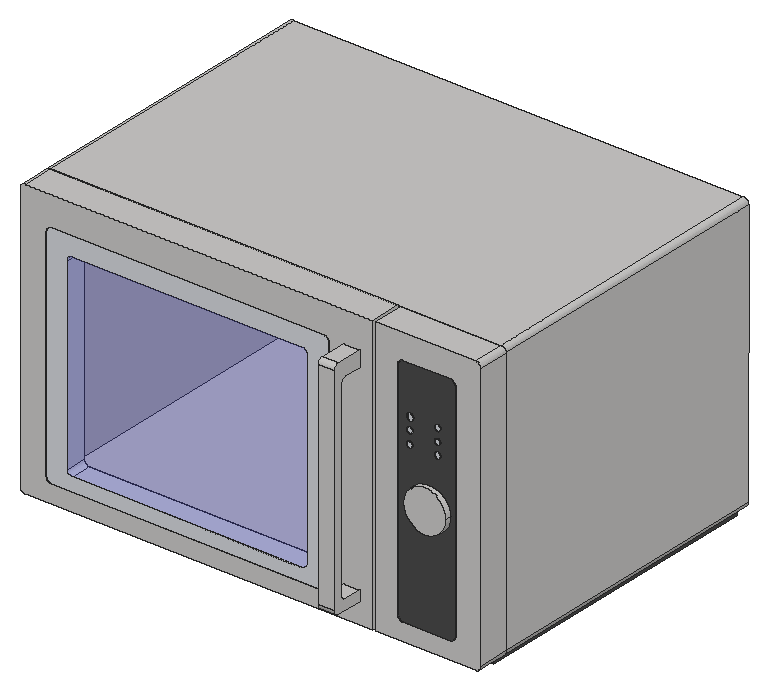
Revit family
Parameters (values of type "RCS10DS")
  Weight in Pounds = 41
  Watts = 1550 W
  Watermarked By = "http://revitwatermark.com"
  Volts = 120 V
  URL Manufacturer = ""
  URL Cutsheet = ""
  URL = "www.acpsolutions.com"
  Status [instance] = ""
  Specification by User [instance] = ""
  Specification by Manufacturer = ""
  Serial Number [instance] = ""
  Seismic Rating [instance] = ""
  SMACNA No [instance] = ""
  Revision Code [instance] = ""
  Phase = 1
  Omniclass Number and Title = ""
  Number of Poles [instance] = 1
  NAFEM Spec ID Number = ""
  Model = "RCS10DS"
  Min Ckt Ampacity = 0 A
  Max Overcurrent Protection = 0 A
  Masterspec = ""
  Manufacturer = "Amana"
  Item Number [instance] = "-"
  Installed By [instance] = ""
  HP = ""
  Furnished By [instance] = ""
  Foodservice Equipment Identifier [instance] = yes
  FL Amps = 13 A
  Electrical Remarks [instance] = ""
  Electric Connection Type [instance] = ""
  Elec Conn RI Height [instance] = 0' - 0"
  Elec Conn Connection Height = 1' - 1 1/4"
  Description = "MIcrowave Oven"
  Cycle = 60 Hz
  Conn Plug = "NEMA 5-15"
  Conn Conduit = yes
  CSI MasterFormat = "11 44 16"
  Assembly Code = "E1090320"
  Apparent Power = if(Phase = 3, Volts * FL Amps * 1.73, Volts * FL Amps)  # 1560 VA
Values of the unnamed type that differ from the named types
  Watermarked By = ""
Reference planes (in)
  plane 1 "BACK": y = -1.75
  plane 2: z = 0
  plane 3 "LEFT": x = 0
  plane 4 "RIGHT": x = 22
  plane 5 "FRONT": y = -19.25
  plane 6 "TOP": z = 13.75
  plane 7: z = 0.5
  plane 8: x = 0.5
  plane 9: x = 19.5
  plane 10: z = 13.25
  plane 11: x = 18.75
  plane 12 "Handle": y = -20.75
  plane 13: y = -3.25
  plane 14: x = 15.25
  plane 15: x = 11
  plane 16: z = 9.92969
  plane 17: z = 7.78125
  plane 18 "Front of Box": y = -17.75
  plane 19: z = 15.75
  plane 20: y = -35.97266
Forms (in)
  Extrusion 1, solid, material "QF_Finishes_Stainless Steel"
    sketch origin (0, -19.25, 0) x (1, 0, 0) y (0, 0, 1)
      loop
        arc (0.25, 13.75) -> (0.07322, 13.67678) -> (0, 13.5) r 0.25
        line (0, 13.5) -> (0, 0.75)
        arc (0, 0.75) -> (0.07322, 0.57322) -> (0.25, 0.5) r 0.25
        line (0.25, 0.5) -> (16.85114, 0.5) -> (16.85114, 13.75) -> (0.25, 13.75)
      loop
        line (1.24006, 12.05684) -> (1.24006, 1.62113)
        arc (1.24006, 1.62113) -> (1.31328, 1.44435) -> (1.49006, 1.37113) r 0.25
        line (1.49006, 1.37113) -> (14.5, 1.37113)
        arc (14.5, 1.37113) -> (14.67678, 1.44435) -> (14.75, 1.62113) r 0.25
        line (14.75, 1.62113) -> (14.75, 12.05684)
        arc (14.75, 12.05684) -> (14.67678, 12.23362) -> (14.5, 12.30684) r 0.25
        line (14.5, 12.30684) -> (1.49006, 12.30684)
        arc (1.49006, 12.30684) -> (1.31328, 12.23362) -> (1.24006, 12.05684) r 0.25
      loop
        arc (13.24719, 11.19922) -> (13.17396, 11.376) -> (12.99719, 11.44922) r 0.25
        line (12.99719, 11.44922) -> (2.49719, 11.44922)
        arc (2.49719, 11.44922) -> (2.32041, 11.376) -> (2.24719, 11.19922) r 0.25
        line (2.24719, 11.19922) -> (2.24719, 2.25)
        arc (2.24719, 2.25) -> (2.32041, 2.07322) -> (2.49719, 2) r 0.25
        line (2.49719, 2) -> (12.99719, 2)
        arc (12.99719, 2) -> (13.17396, 2.07322) -> (13.24719, 2.25) r 0.25
        line (13.24719, 2.25) -> (13.24719, 11.19922)
    from 0 to -1.5
  Extrusion 2, solid, material "QF_Finishes_Stainless Steel"
    sketch origin (0, -19.25, 0) x (1, 0, 0) y (0, 0, 1)
      loop
        arc (0.25, 13.75) -> (0.07322, 13.67678) -> (0, 13.5) r 0.25
        line (0, 13.5) -> (0, 0.75)
        arc (0, 0.75) -> (0.07322, 0.57322) -> (0.25, 0.5) r 0.25
        line (0.25, 0.5) -> (21.74723, 0.5)
        arc (21.74723, 0.5) -> (21.92401, 0.57322) -> (21.99723, 0.75) r 0.25
        line (21.99723, 0.75) -> (21.99723, 13.5)
        arc (21.99723, 13.5) -> (21.92401, 13.67678) -> (21.74723, 13.75) r 0.25
        line (21.74723, 13.75) -> (0.25, 13.75)
    from -1.5 to -16
  Extrusion 3, solid, material "QF_Finishes_Stainless Steel"
    sketch origin (0, -19.25, 0) x (1, 0, 0) y (0, 0, 1)
      loop
        line (21.75891, 13.75) -> (17, 13.75) -> (17, 0.5) -> (21.75891, 0.5)
        arc (21.75891, 0.5) -> (21.93568, 0.57322) -> (22.00891, 0.75) r 0.25
        line (22.00891, 0.75) -> (22.00891, 13.5)
        arc (22.00891, 13.5) -> (21.93568, 13.67678) -> (21.75891, 13.75) r 0.25
      loop
        line (20.55577, 12.51528) -> (18.3008, 12.51528)
        arc (18.3008, 12.51528) -> (18.12402, 12.44206) -> (18.0508, 12.26528) r 0.25
        line (18.0508, 12.26528) -> (18.0508, 1.62113)
        arc (18.0508, 1.62113) -> (18.12402, 1.44435) -> (18.3008, 1.37113) r 0.25
        line (18.3008, 1.37113) -> (20.55577, 1.37113)
        arc (20.55577, 1.37113) -> (20.73254, 1.44435) -> (20.80577, 1.62113) r 0.25
        line (20.80577, 1.62113) -> (20.80577, 12.26528)
        arc (20.80577, 12.26528) -> (20.73254, 12.44206) -> (20.55577, 12.51528) r 0.25
    from 0 to -1.5
  Extrusion 4, solid
    sketch origin (0, -19.25, 0) x (1, 0, 0) y (0, 0, 1)
      loop
        arc (1.49006, 12.30684) -> (1.31328, 12.23362) -> (1.24006, 12.05684) r 0.25
        line (1.24006, 12.05684) -> (1.24006, 1.62113)
        arc (1.24006, 1.62113) -> (1.31328, 1.44435) -> (1.49006, 1.37113) r 0.25
        line (1.49006, 1.37113) -> (14.5, 1.37113)
        arc (14.5, 1.37113) -> (14.67678, 1.44435) -> (14.75, 1.62113) r 0.25
        line (14.75, 1.62113) -> (14.75, 12.05684)
        arc (14.75, 12.05684) -> (14.67678, 12.23362) -> (14.5, 12.30684) r 0.25
        line (14.5, 12.30684) -> (1.49006, 12.30684)
      loop
        arc (2.49719, 11.44922) -> (2.32041, 11.376) -> (2.24719, 11.19922) r 0.25
        line (2.24719, 11.19922) -> (2.24719, 2.25)
        arc (2.24719, 2.25) -> (2.32041, 2.07322) -> (2.49719, 2) r 0.25
        line (2.49719, 2) -> (13.4808, 2)
        arc (13.4808, 2) -> (13.65758, 2.07322) -> (13.7308, 2.25) r 0.25
        line (13.7308, 2.25) -> (13.7308, 11.19922)
        arc (13.7308, 11.19922) -> (13.65758, 11.376) -> (13.4808, 11.44922) r 0.25
        line (13.4808, 11.44922) -> (2.49719, 11.44922)
    from 0 to -1
  Extrusion 5, solid, material "QF_Finishes_Black"
    sketch origin (0, -19.25, 0) x (1, 0, 0) y (0, 0, 1)
      loop
        line (1.24006, 12.05684) -> (1.24006, 1.62113)
        arc (1.24006, 1.62113) -> (1.31328, 1.44435) -> (1.49006, 1.37113) r 0.25
        line (1.49006, 1.37113) -> (14.5, 1.37113)
        arc (14.5, 1.37113) -> (14.67678, 1.44435) -> (14.75, 1.62113) r 0.25
        line (14.75, 1.62113) -> (14.75, 12.05684)
        arc (14.75, 12.05684) -> (14.67678, 12.23362) -> (14.5, 12.30684) r 0.25
        line (14.5, 12.30684) -> (1.49006, 12.30684)
        arc (1.49006, 12.30684) -> (1.31328, 12.23362) -> (1.24006, 12.05684) r 0.25
      loop
        line (2.49719, 2) -> (13.4808, 2)
        arc (13.4808, 2) -> (13.65758, 2.07322) -> (13.7308, 2.25) r 0.25
        line (13.7308, 2.25) -> (13.7308, 11.19922)
        arc (13.7308, 11.19922) -> (13.65758, 11.376) -> (13.4808, 11.44922) r 0.25
        line (13.4808, 11.44922) -> (2.49719, 11.44922)
        arc (2.49719, 11.44922) -> (2.32041, 11.376) -> (2.24719, 11.19922) r 0.25
        line (2.24719, 11.19922) -> (2.24719, 2.25)
        arc (2.24719, 2.25) -> (2.32041, 2.07322) -> (2.49719, 2) r 0.25
    from -1 to 0
  Extrusion 6, void
    sketch origin (0, -19.25, 0) x (1, 0, 0) y (0, 0, 1)
      loop
        line (12.99719, 11.44922) -> (2.49719, 11.44922)
        arc (2.49719, 11.44922) -> (2.32041, 11.376) -> (2.24719, 11.19922) r 0.25
        line (2.24719, 11.19922) -> (2.24719, 2.25)
        arc (2.24719, 2.25) -> (2.32041, 2.07322) -> (2.49719, 2) r 0.25
        line (2.49719, 2) -> (12.99719, 2)
        arc (12.99719, 2) -> (13.17396, 2.07322) -> (13.24719, 2.25) r 0.25
        line (13.24719, 2.25) -> (13.24719, 11.19922)
        arc (13.24719, 11.19922) -> (13.17396, 11.376) -> (12.99719, 11.44922) r 0.25
    from 0.75 to -1
  Extrusion 7, solid, material "QF_Finishes_Glass"
    sketch origin (0, -19.25, 0) x (1, 0, 0) y (0, 0, 1)
      loop
        line (2.24719, 11.19922) -> (2.24719, 2.25)
        arc (2.24719, 2.25) -> (2.32041, 2.07322) -> (2.49719, 2) r 0.25
        line (2.49719, 2) -> (13.4808, 2)
        arc (13.4808, 2) -> (13.65758, 2.07322) -> (13.7308, 2.25) r 0.25
        line (13.7308, 2.25) -> (13.7308, 11.19922)
        arc (13.7308, 11.19922) -> (13.65758, 11.376) -> (13.4808, 11.44922) r 0.25
        line (13.4808, 11.44922) -> (2.49719, 11.44922)
        arc (2.49719, 11.44922) -> (2.32041, 11.376) -> (2.24719, 11.19922) r 0.25
    from 0 to -8.20613
  Extrusion 8, solid, material "QF_Finishes_Black"
    sketch origin (0, 0, 0) x (1, 0, 0) y (0, 1, 0)
      loop
        line (0.5, -3.25) -> (0.5, -17.75) -> (21.45015, -17.75) -> (21.45015, -3.25) -> (0.5, -3.25)
    from 0 to 0.5
  Extrusion 9, solid, material "QF_Finishes_Stainless Steel"
    sketch origin (0.71191, -3.25, 0.03026) x (0, 1, 0) y (0, 0, 1)
      loop
        line (-16, 1.46974) -> (-16, 1.96009) -> (-16.8612, 1.96009)
        arc (-16.8612, 1.96009) -> (-17.03797, 2.03331) -> (-17.1112, 2.21009) r 0.25
        line (-17.1112, 2.21009) -> (-17.1112, 11.24219)
        arc (-17.1112, 11.24219) -> (-17.03797, 11.41896) -> (-16.8612, 11.49219) r 0.25
        line (-16.8612, 11.49219) -> (-16, 11.49219) -> (-16, 12.23794) -> (-17.25, 12.23794)
        arc (-17.25, 12.23794) -> (-17.42678, 12.16472) -> (-17.5, 11.98794) r 0.25
        line (-17.5, 11.98794) -> (-17.5, 1.71974)
        arc (-17.5, 1.71974) -> (-17.42678, 1.54296) -> (-17.25, 1.46974) r 0.25
        line (-17.25, 1.46974) -> (-16, 1.46974)
    from 14.74006 to 15.50698
  Extrusion 10, void
    sketch origin (0, 0, 0) x (1, 0, 0) y (0, 1, 0)
      loop
        line (0.5, -3.75) -> (0.5, -17.75) -> (1.24006, -17.75) -> (1.24006, -18.25) -> (13.75, -18.25) -> (13.75, -17.47505) -> (21.45015, -17.47505) -> (21.45015, -3.75) -> (0.5, -3.75)
    from 0.77926 to 13.27633
  Extrusion 11, void
    sketch origin (0, -1.75, 0) x (1, 0, 0) y (0, 0, 1)
      loop
        line (18.93955, 13.48081) -> (18.56175, 13.48081) -> (18.56175, 13.017) -> (18.93955, 13.017) -> (18.93955, 13.48081)
    from 1.5 to 1.60541
  Extrusion 12, solid
    sketch origin (0, -1.75, 0) x (1, 0, 0) y (0, 0, 1)
      loop
        line (15.25, 9.92969) -> (11, 9.92969) -> (11, 7.78125) -> (15.25, 7.78125) -> (15.25, 9.92969)
    from 0 to 1.5
  Extrusion 13, solid, material "QF_Finishes_Black"
    sketch origin (1.87113, -18.75, -0.21149) x (1, 0, 0) y (0, 0, 1)
      loop
        arc (16.42193, 12.75418) -> (16.24515, 12.68096) -> (16.17193, 12.50418) r 0.25
        line (16.17193, 12.50418) -> (16.17193, 1.8153)
        arc (16.17193, 1.8153) -> (16.24515, 1.63852) -> (16.42193, 1.5653) r 0.25
        line (16.42193, 1.5653) -> (18.68463, 1.5653)
        arc (18.68463, 1.5653) -> (18.86141, 1.63852) -> (18.93463, 1.8153) r 0.25
        line (18.93463, 1.8153) -> (18.93463, 12.50418)
        arc (18.93463, 12.50418) -> (18.86141, 12.68096) -> (18.68463, 12.75418) r 0.25
        line (18.68463, 12.75418) -> (16.42193, 12.75418)
      loop
        circle (17.63591, 6.86851) r 1
      loop
        circle (18.07092, 9.85571) r 0.13877
      loop
        circle (18.08311, 10.45299) r 0.13877
      loop
        circle (16.76665, 10.46518) r 0.13877
      loop
        circle (16.75446, 9.89228) r 0.13877
      loop
        circle (16.74227, 9.2828) r 0.13877
      loop
        circle (18.08498, 9.27754) r 0.13877
    from 0.5 to 0
  Extrusion 14, solid, material "QF_Finishes_Stainless Steel"
    sketch origin (1.69872, -18.75, -0.17152) x (1, 0, 0) y (0, 0, 1)
      loop
        circle (17.8539, 6.81809) r 1
    from 0.2881 to 0.75
  Extrusion 15, solid
    sketch origin (0, -19.25, 0) x (1, 0, 0) y (0, 0, 1)
      loop
        circle (18.63692, 10.2553) r 0.15918
      loop
        circle (19.95425, 10.2415) r 0.13877
      loop
        circle (19.94206, 9.64422) r 0.13877
      loop
        circle (19.95612, 9.06605) r 0.13877
      loop
        circle (18.61341, 9.07131) r 0.13877
      loop
        circle (18.6256, 9.68078) r 0.13877
    from -0.5 to 0
Cuts and joins
  Extrusion 6, Extrusion 10, Extrusion 11 cuts Extrusion 2
  Extrusion 6, Extrusion 10 cuts Extrusion 1
  Extrusion 6 cuts Extrusion 4
  Extrusion 6 cuts Extrusion 5
  Extrusion 10 cuts Extrusion 3
  Extrusion 10 cuts Extrusion 7
  Extrusion 10 cuts Extrusion 8
Lines and regions (in)
  symbolic lines, style "QF_Clearances"
    curve 1: line (-2, -19.25, 0) -> (-2, -0.69141, 0)
    curve 2: line (-2, -0.69141, 0) -> (24, -0.69141, 0)
    curve 3: line (24, -0.69141, 0) -> (24, -19.25, 0)
    curve 4: line (0, -0.5, 0) -> (0, -0.5, 15.75)
    curve 5: line (0, -0.5, 15.75) -> (0, -19.25, 15.75)
    curve 6: line (-2, -19.25, 0) -> (-2, -19.25, 15.75)
    curve 7: line (24, -19.25, 0) -> (24, -19.25, 15.75)
    curve 8: line (24, -19.25, 15.75) -> (-2, -19.25, 15.75)
    curve 22: line (0, -19.25, 0) -> (0, -35.97266, 0)
    curve 23: arc (0, -35.97266, 0) -> (11.8247, -31.0747, 0) -> (16.72266, -19.25, 0) r 16.72266
  symbolic lines
    curve 9: line (0, -19.25, 0) -> (0, -3.25, 0)
    curve 10: line (0, -3.25, 0) -> (11, -3.25, 0)
    curve 11: line (11, -3.25, 0) -> (11, -1.75, 0)
    curve 12: line (11, -1.75, 0) -> (15.25, -1.75, 0)
    curve 13: line (15.25, -1.75, 0) -> (15.25, -3.25, 0)
    curve 14: line (15.25, -3.25, 0) -> (21.99723, -3.25, 0)
    curve 15: line (21.99723, -3.25, 0) -> (21.99723, -19.25, 0)
    curve 16: line (21.99723, -19.25, 0) -> (16.21889, -19.25, 0)
    curve 17: line (16.21889, -19.25, 0) -> (16.21889, -20.75, 0)
    curve 18: line (16.21889, -20.75, 0) -> (15.45197, -20.75, 0)
    curve 19: line (15.45197, -20.75, 0) -> (15.45197, -19.25, 0)
    curve 20: line (15.45197, -19.25, 0) -> (0, -19.25, 0)
    curve 21: line (0, -17.75, 0) -> (21.99723, -17.75, 0)
Dimensions and locks (in)
  aligned and locked: level to plane 2
Connectors (in)
  electrical at (18.75065, -3.35541, 13.2489)
    settings: on cut or joined group of Extrusion 2, Extrusion 6, Extrusion 10, Extrusion 11, index 1, voltage 0 V, apparent load 0 VA, apparent load phase1 0 VA, apparent load phase2 0 VA, apparent load phase3 0 VA, power factor 1, load classification "Other", number of poles 1, system type 31, power factor state 1, is connector primary yes, connector utility no, sub classification motor no, connector description ""
